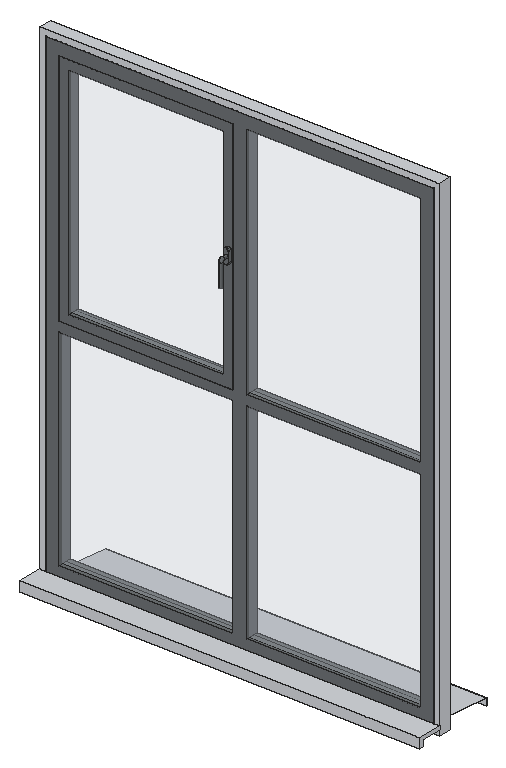
Revit family "AVLN_Окно_Фрамуга_2 створки", category Окна, Revit 2021
Family settings
  Основа = Стена
  Номер OmniClass = 23.30.20.00
  Заголовок OmniClass = Windows
  Всегда вертикально = Да
  При загрузке вырезать с полостями = Нет
  Общий = Нет
  Точка принадлежности помещению = Нет
Parameters (values of type "ОК-15.1 2100х2600")
  Ширина рамы = 70 mm
  Ширина импоста = 50 mm
  Четверть слева/справа = 50 mm
  Четверть низ = 0 mm  # constant formula
  Четверть верх = 50 mm
  Створка_толщина = 25 mm  # constant formula
  Толщина основы [instance] = 200 mm
  Створка_справа_ширина = Width - ((Ширина рамы * 3) + (Монтажный зазор * 2) + Створка_слева_ширина)  # 915 mm
  Створка_снизу_высота = 1100 mm
  Створка_слева_ширина = 915 mm
  Створка_профиль = 50 mm
  Створка_высота = Height - (Створка_снизу_высота + (Ширина рамы * 2) + Ширина импоста + (Монтажный зазор * 2))  # 1250 mm
  Рабочая зона = yes
  Rough Width = Width - Монтажный зазор * 2  # 2040 mm
  Rough Height = Height - Монтажный зазор * 2  # 2540 mm
  Подстановочный профиль_Ширина = 20 mm  # constant formula
  Подстановочный профиль_Толщина = 60 mm
  Подоконник_Толщина = 20 mm
  Подоконник_Длина = Width  # 2100 mm
  Подоконник_Глубина = 100 mm
  Подоконник = yes
  Определить тепловые свойства по = Тип схем
  Низ право открывание = АВЛН_Створка открывная : Створка глухая
  Низ лево открывание = АВЛН_Створка открывная : Створка глухая
  Model = ""
  Глубина вставки = 0 mm
  Отлив_Толщина = 1 mm  # constant formula
  Отлив_Длина = Width - [Четверть слева/справа] * 2  # 2000 mm
  Отлив_Глубина = 280 mm
  Отлив = yes
  Откос_Н.Ширина = Width - 2 * [Четверть слева/справа]  # 2000 mm
  Откос_Н.Толщина.8 = 32 mm
  Откос_Н.Толщина.7 = 28 mm
  Откос_Н.Толщина.6 = 24 mm
  Откос_Н.Толщина.5 = 20 mm
  Откос_Н.Толщина.4 = 16 mm
  Откос_Н.Толщина.3 = 12 mm
  Откос_Н.Толщина.2 = 8 mm
  Откос_Н.Толщина.1 = 4 mm
  Откос_Н.Отступ_П = 0 mm  # constant formula
  Откос_Н.Отступ_Л = 0 mm  # constant formula
  Откос_Н.Количество слоев = 0
  Откос_Н.Глубина = 150 mm
  Откос_Н.Высота = Height - Четверть верх - Четверть низ  # 2550 mm
  Откос_В.Толщина.8 = 32 mm
  Откос_В.Толщина.7 = 28 mm
  Откос_В.Толщина.6 = 24 mm
  Откос_В.Толщина.5 = 20 mm
  Откос_В.Толщина.4 = 16 mm
  Откос_В.Толщина.3 = 12 mm
  Откос_В.Толщина.2 = 8 mm
  Откос_В.Толщина.1 = 4 mm
  Откос_В.Отступ_П [instance] = Монтажный зазор + Подоконник_Толщина  # 50 mm
  Откос_В.Отступ_Л [instance] = Монтажный зазор + Подоконник_Толщина  # 50 mm
  Откос_В.Количество слоев = 0
  Откос_В.Глубина [instance] = Толщина основы - Глубина вставки - Ширина рамы  # 130 mm
  Монтажный зазор = 30 mm
  М.Подоконник = none
  М.Отлив = none
  М.Откос_Н.8 = none
  М.Откос_Н.7 = none
  М.Откос_Н.6 = none
  М.Откос_Н.5 = none
  М.Откос_Н.4 = none
  М.Откос_Н.3 = none
  М.Откос_Н.2 = none
  М.Откос_Н.1 = none
  М.Откос_В.8 = none
  М.Откос_В.7 = none
  М.Откос_В.6 = none
  М.Откос_В.5 = none
  М.Откос_В.4 = none
  М.Откос_В.3 = none
  М.Откос_В.2 = none
  М.Откос_В.1 = none
  М.Монтажного зазора = none
  М.Стекла = ADSK_Стекло_Прозрачное бесцветное
  М.Рамы = RAL 7016
  М.Подоконный профиль = none
  Type Comments = ""
  Height = 2600 mm
  Высота подоконника по умолчанию = 800 mm
  Замыкание стены = По основе
  Width = 2100 mm
  Верх право открывание = АВЛН_Створка открывная : Створка глухая
  Верх лево открывание = АВЛН_Створка открывная : Створка повороно-откидная левая
  Аналитическая конструкция = "<Нет>"
  АВЛН_Проем_Ширина [instance] = Width  # 2100 mm
  АВЛН_Проем_Высота [instance] = Height  # 2600 mm
  ADSK_Этаж [instance] = ""
  ADSK_Размер_Ширина = Width  # 2100 mm
  ADSK_Размер_Высота = Height  # 2600 mm
  ADSK_Примечание [instance] = ""
  ADSK_Обозначение = "ГОСТ 30674-99"
  ADSK_Номер секции [instance] = ""
  ADSK_Наименование = "ОП Б2 (4М1-12-4М1-12-И4)"
  ADSK_Марка = ""
  ADSK_Группирование = ""
  -----------Разрезка----------- = "-----------"  # constant formula
  -----------Профили----------- = "-----------"  # constant formula
  -----------Подоконник----------- = "-----------"  # constant formula
  -----------Отлив----------- = "-----------"  # constant formula
  -----------Откос----------- = "-----------"  # constant formula
  -----------Основные габариты----------- = "-----------"  # constant formula
  -----------Вставка----------- = "-----------"  # constant formula
Types (3, lengths in mm): name | Створка_справа_ширина | Створка_снизу_высота | Створка_слева_ширина | Створка_высота | Rough Width | Rough Height | Подоконник_Длина | Низ лево открывание | Model | Отлив_Длина | Откос_Н.Ширина | Откос_Н.Высота | Height | Width | АВЛН_Проем_Ширина | АВЛН_Проем_Высота | ADSK_Размер_Ширина | ADSK_Размер_Высота
  ОК-15.1 2100х2600 | 915 | 1100 | 915 | 1250 | 2040 | 2540 | 2100 | АВЛН_Створка открывная : Створка глухая | "" | 2000 | 2000 | 2550 | 2600 | 2100 | 2100 | 2600 | 2100 | 2600
  ОК-15 2100х2350 | 1030 | 1100 | 800 | 1000 | 2040 | 2290 | 2100 | АВЛН_Створка открывная : Створка повороно-откидная левая | "" | 2000 | 2000 | 2300 | 2350 | 2100 | 2100 | 2350 | 2100 | 2350
  ОК-12 2100х1500 | 630 | 700 | 600 | 1150 | 1440 | 2040 | 1500 | АВЛН_Створка открывная : Створка глухая | "Окно" | 1400 | 1400 | 2050 | 2100 | 1500 | 1500 | 2100 | 1500 | 2100
Reference planes
  plane 1 "По центру (Вперед/Назад)": y = 0
  plane 2 "По центру (Влево/Вправо)": x = 0
  plane 3 "Слева": x = -1050
  plane 4 "Справа": x = 1050
  plane 5 "Подоконник": z = 800
  plane 6 "Заголовок": z = 3400
  plane 7 "Наружный": y = 100
  plane 8 "Внутренние": y = -100
  plane 9 "Окно": y = 100
  plane 10: x = 1020
  plane 11: z = 3370
  plane 12: x = -1020
  plane 13: z = 830
  plane 14: x = 1000
  plane 15: x = -1000
  plane 16: z = 2100
  plane 17: y = 600
  plane 18: y = -400
  plane 19: z = 3350
  plane 20 "Чет. низ": z = 800
  plane 21 "Внутряння грань": y = 30
  plane 22: y = 80
  plane 23 "Импост верх": z = 2050
  plane 24 "Импост низ": z = 2000
  plane 25: z = 900
  plane 26: z = 3300
  plane 27: x = -950
  plane 28: x = 950
  plane 29 "4": z = 2025
  plane 30 "5": x = -35
  plane 31 "6": x = 35
  plane 32 "9": x = 0
  plane 33 "10": x = 492.5
  plane 34 "11": x = -492.5
  plane 35 "12": z = 2675
  plane 36: z = 1450
  plane 37: y = -885
Forms (mm)
  Extrusion 1, void
    sketch origin (0, 100, 0) x (1, 0, 0) y (0, 0, 1)
      loop
        line (1000, 3350) -> (-1000, 3350) -> (-1000, 800) -> (1000, 800) -> (1000, 3350)
    from -500 to 20
  Extrusion 2, void
    sketch origin (0, 100, 0) x (1, 0, 0) y (0, 0, 1)
      loop
        line (1050, 3400) -> (-1050, 3400) -> (-1050, 800) -> (1050, 800) -> (1050, 3400)
    from 0 to 500
  Extrusion 3, solid, material <- "М.Монтажного зазора", detail levels medium+fine
    sketch origin (0, 100, 0) x (1, 0, 0) y (0, 0, 1)
      loop
        line (1050, 3400) -> (-1050, 3400) -> (-1050, 800) -> (1050, 800) -> (1050, 3400)
      loop
        line (-1020, 3370) -> (-1020, 830) -> (1020, 830) -> (1020, 3370) -> (-1020, 3370)
    from 0 to 70
  Extrusion 4, solid, material "RAL 7016" <- "М.Рамы", detail levels medium+fine
    sketch origin (0, 100, 0) x (-1, 0, 0) y (0, 0, 1)
      loop
        line (-1020, 3370) -> (-1020, 830) -> (1020, 830) -> (1020, 3370) -> (-1020, 3370)
      loop
        line (-35, 900) -> (-35, 2000) -> (-950, 2000) -> (-950, 900) -> (-35, 900)
      loop
        line (35, 3300) -> (35, 2050) -> (950, 2050) -> (950, 3300) -> (35, 3300)
      loop
        line (35, 900) -> (950, 900) -> (950, 2000) -> (35, 2000) -> (35, 900)
      loop
        line (-35, 3300) -> (-950, 3300) -> (-950, 2050) -> (-35, 2050) -> (-35, 3300)
    from -70 to 0
Lines and regions (mm)
  reference lines
    curve 1: line (-1050, -100, 2025) -> (1050, -100, 2025)
    curve 2: line (0, -100, 3400) -> (0, -100, 800)
  model lines, style "Рабочая зона", visible <- "Рабочая зона"
    curve 3: line (-1050, 30, 800) -> (-1050, -885, 800)
    curve 4: line (1050, 30, 800) -> (1050, -885, 800)
    curve 5: line (-1050, -885, 800) -> (1050, -885, 800)
Text (mm)
  text "EXTERIOR" at (-1963.203, 1332.353, 0), in view "Опорный уровень"
  text "INTERIOR" at (-1981.466, -818.386, 0), in view "Опорный уровень"
  text "Наружный" at (0, 923.751, 2943.296), in view "Справа"
  text "Наружный" at (0, 1240.237, 2685.409), in view "Слева"
Dimensions and locks
  equal spacing: plane 3 "Слева", plane 2 "По центру (Влево/Вправо)", plane 4 "Справа"
  "Width": plane 3 "Слева" to plane 4 "Справа"
  "Height": plane 5 "Подоконник" to plane 6 "Заголовок"
  "Высота подоконника по умолчанию": plane 5 "Подоконник" to level
  locked: plane 7 "Наружный" to host wall
  locked: plane 8 "Внутренние" to host wall
  "Глубина вставки": plane 9 "Окно" to plane 7 "Наружный"
  "Монтажный зазор": plane 10 to plane 4 "Справа"
  "Монтажный зазор": plane 3 "Слева" to plane 12
  "Монтажный зазор": plane 11 to plane 6 "Заголовок"
  "Монтажный зазор": plane 5 "Подоконник" to plane 13
  "Четверть слева/справа": plane 14 to plane 4 "Справа"
  "Четверть слева/справа": plane 3 "Слева" to plane 15
  equal spacing: plane 5 "Подоконник", plane 16, plane 6 "Заголовок"
  locked: plane 7 "Наружный" to plane 17 at 500
  locked: plane 18 to plane 8 "Внутренние" at 300
  "Четверть верх": plane 19 to plane 6 "Заголовок"
  "Четверть низ": plane 5 "Подоконник" to plane 20 "Чет. низ"
  "Ширина рамы": plane 9 "Окно" to plane 21 "Внутряння грань"
  "Толщина основы": host wall to host wall
  locked: plane 22 to plane 21 "Внутряння грань" at 50
  "Ширина импоста": plane 24 "Импост низ" to plane 23 "Импост верх"
  "Ширина рамы": plane 28 to plane 10
  "Ширина рамы": plane 12 to plane 27
  "Ширина рамы": plane 13 to plane 25
  "Ширина рамы": plane 26 to plane 11
  plane 23 "Импост верх" to plane 26 = 1250 mm
  "Створка_снизу_высота": plane 25 to plane 24 "Импост низ"
  equal spacing: plane 23 "Импост верх", plane 29 "4", plane 24 "Импост низ"
  "Створка_слева_ширина": plane 27 to plane 30 "5"
  "Ширина рамы": plane 30 "5" to plane 31 "6"
  equal spacing: plane 30 "5", curve 2, plane 31 "6"
  equal spacing: plane 31 "6", plane 33 "10", plane 28
  equal spacing: plane 27, plane 34 "11", plane 30 "5"
  equal spacing: plane 26, plane 35 "12", plane 23 "Импост верх"
  equal spacing: plane 24 "Импост низ", plane 36, plane 25
  plane 31 "6" to nested 6 to plane 28 = 457.5 mm, 457.5 mm
  plane 23 "Импост верх" to nested 6 to plane 26 = 625 mm, 625 mm
  plane 25 to plane 36 to plane 24 "Импост низ" = 550 mm, 550 mm
  "Створка_слева_ширина": plane 21 "Внутряння грань" to plane 37
  aligned and locked: Extrusion 1 sketch curve to plane 14
  aligned and locked: Extrusion 1 sketch curve to plane 15
  aligned and locked: plane 17 to Extrusion 1
  aligned and locked: Extrusion 2 sketch curve to plane 6 "Заголовок"
  aligned and locked: Extrusion 2 sketch curve to plane 4 "Справа"
  aligned and locked: plane 5 "Подоконник" to Extrusion 2 sketch curve
  aligned and locked: Extrusion 2 sketch curve to plane 3 "Слева"
  aligned and locked: Extrusion 2 to plane 9 "Окно"
  aligned and locked: Extrusion 2 to plane 18
  aligned and locked: Extrusion 1 sketch curve to plane 19
  aligned and locked: plane 20 "Чет. низ" to Extrusion 1 sketch curve
  aligned and locked: plane 9 "Окно" to nested 1
  aligned and locked: plane 2 "По центру (Влево/Вправо)" to nested 1
  aligned and locked: nested 2 to plane 21 "Внутряння грань"
  aligned and locked: nested 2 to plane 2 "По центру (Влево/Вправо)"
  aligned and locked: nested 3 to plane 2 "По центру (Влево/Вправо)"
  aligned and locked: plane 8 "Внутренние" to nested 3
  aligned and locked: nested 4 to plane 9 "Окно"
  aligned and locked: Extrusion 3 sketch curve to plane 6 "Заголовок"
  aligned and locked: Extrusion 3 sketch curve to plane 4 "Справа"
  aligned and locked: Extrusion 3 sketch curve to nested 2  (x2)
  aligned and locked: Extrusion 3 sketch curve to plane 11
  aligned and locked: Extrusion 3 sketch curve to plane 12
  aligned and locked: Extrusion 3 sketch curve to plane 13
  aligned and locked: Extrusion 3 sketch curve to plane 10
  aligned and locked: Extrusion 3 to nested 2
  aligned and locked: plane 24 "Импост низ" to Extrusion 4 sketch curve
  aligned and locked: plane 23 "Импост верх" to Extrusion 4 sketch curve
  aligned and locked: Extrusion 4 sketch curve to Extrusion 4 sketch curve  (x2)
  aligned and locked: plane 27 to Extrusion 4 sketch curve
  aligned and locked: Extrusion 4 sketch curve to plane 12
  aligned and locked: Extrusion 4 sketch curve to plane 13
  aligned and locked: Extrusion 4 sketch curve to plane 26
  aligned and locked: Extrusion 4 sketch curve to plane 11
  aligned and locked: plane 20 "Чет. низ" to nested 4
  aligned and locked: nested 4 to plane 2 "По центру (Влево/Вправо)"
  aligned and locked: Extrusion 3 to plane 9 "Окно"
  aligned and locked: Extrusion 4 to plane 21 "Внутряння грань"
  aligned and locked: Extrusion 4 to plane 9 "Окно"
  aligned and locked: Extrusion 1 to plane 22
  aligned and locked: curve 1 to plane 29 "4"
  aligned and locked: plane 3 "Слева" to curve 1
  aligned and locked: plane 4 "Справа" to curve 1
  aligned and locked: Extrusion 4 sketch curve to plane 30 "5"
  aligned and locked: Extrusion 4 sketch curve to plane 10
  aligned and locked: plane 26 to Extrusion 4 sketch curve
  aligned and locked: Extrusion 4 sketch curve to plane 25
  aligned and locked: Extrusion 4 sketch curve to plane 28
  aligned and locked: Extrusion 4 sketch curve to plane 24 "Импост низ"
  aligned and locked: Extrusion 4 sketch curve to plane 23 "Импост верх"
  aligned and locked: Extrusion 4 sketch curve to plane 31 "6"  (x2)
  aligned and locked: plane 6 "Заголовок" to curve 2
  aligned and locked: plane 5 "Подоконник" to curve 2
  aligned and locked: plane 35 "12" to nested 5
  aligned and locked: plane 35 "12" to nested 6
  aligned and locked: plane 33 "10" to nested 6
  aligned and locked: plane 36 to nested 7
  aligned and locked: plane 36 to nested 8
  aligned and locked: plane 33 "10" to nested 7
  aligned and locked: plane 34 "11" to nested 8
  aligned and locked: plane 34 "11" to nested 5
  aligned and locked: Extrusion 4 to plane 31 "6"
  aligned and locked: plane 30 "5" to Extrusion 4
  aligned and locked: plane 28 to Extrusion 4
  aligned and locked: Extrusion 4 to plane 27
  aligned and locked: plane 4 "Справа" to curve 4
  aligned and locked: curve 5 to plane 37
  aligned and locked: plane 3 "Слева" to curve 3
Automatic sketch dimensions
  plane 28 to Extrusion 4 sketch curve = 0 mm
  Extrusion 4 sketch curve to plane 25 = 0 mm
  curve 4 to plane 21 "Внутряння грань" = 0 mm
  curve 3 to plane 21 "Внутряння грань" = 0 mm
Nested families
  nested 1: "Отлив" at (0, 100, 800) x (-1, 0, 0) z (0, 0, 1), Глубина отлива <- "Отлив_Глубина", Длина отлива <- "Отлив_Длина", ТО <- "Отлив_Толщина", Ш_МЗЗ <- "Монтажный зазор", Ш_ПП <- "Подстановочный профиль_Ширина", ADSK_Группирование <- "ADSK_Группирование", ADSK_Номер секции <- "ADSK_Номер секции", ADSK_Этаж <- "ADSK_Этаж", visible <- "Отлив", М <- "М.Отлив", type "Отлив", detail levels fine
    with Ш_ПП 20 mm, Ш_МЗЗ 30 mm, ТО 1 mm, М none, Длина отлива 2000 mm, Глубина отлива 280 mm, ADSK_Этаж "", ADSK_Примечание "", ADSK_Обозначение "", ADSK_Номер секции "", ADSK_Наименование "", ADSK_Марка "", ADSK_Группирование ""
  nested 2: "Подоконник" at (0, 30, 800), Глубина подоконника <- "Подоконник_Глубина", Длина отлива <- "Подоконник_Длина", ТП <- "Подоконник_Толщина", Ш_МЗЗ <- "Монтажный зазор", Ш_ПП <- "Подстановочный профиль_Ширина", ADSK_Группирование <- "ADSK_Группирование", ADSK_Этаж <- "ADSK_Этаж", visible <- "Подоконник", М <- "М.Подоконник", type "Подоконник", detail levels fine
    with Ш_ПП 20 mm, Ш_МЗЗ 30 mm, ТП 20 mm, М none, Длина отлива 2100 mm, Глубина подоконника 100 mm, ADSK_Этаж "", ADSK_Размер_Длина 2100 mm, ADSK_Размер_Глубина 100 mm, ADSK_Номер секции "", ADSK_Марка "", ADSK_Группирование ""
  nested 3: "AVLN_Откосы_R19" at (0, -100, 0), Глубина <- "Откос_В.Глубина", Высота от уровня <- "Высота подоконника по умолчанию", ADSK_Группирование <- "Type Comments", ADSK_Этаж <- "ADSK_Этаж", ADSK_Номер секции <- "ADSK_Номер секции", Материал_1 <- "М.Откос_В.1", Материал_2 <- "М.Откос_В.2", Материал_3 <- "М.Откос_В.3", Материал_4 <- "М.Откос_В.4", Материал_5 <- "М.Откос_В.5", Материал_6 <- "М.Откос_В.6", Материал_7 <- "М.Откос_В.7", Материал_8 <- "М.Откос_В.8", Толщина_1 <- "Откос_В.Толщина.1", Толщина_2 <- "Откос_В.Толщина.2", Толщина_3 <- "Откос_В.Толщина.3", Толщина_4 <- "Откос_В.Толщина.4", Толщина_5 <- "Откос_В.Толщина.5", Толщина_6 <- "Откос_В.Толщина.6", Толщина_7 <- "Откос_В.Толщина.7", Толщина_8 <- "Откос_В.Толщина.8", Количество слоев <- "Откос_В.Количество слоев", Отступ_Л <- "Откос_В.Отступ_Л", Отступ_П <- "Откос_В.Отступ_П", Высота <- "Height", Ширина <- "Width", type "AVLN_Откосы_R19"
    with Ширина_8 1876 mm, Ширина_7 1932 mm, Ширина_6 1980 mm, Ширина_5 2020 mm, Ширина_4 2052 mm, Ширина_3 2076 mm, Ширина_2 2092 mm, Ширина 2100 mm, Толщина_8 32 mm, Толщина_7 28 mm, Толщина_6 24 mm, Толщина_5 20 mm, Толщина_4 16 mm, Толщина_3 12 mm, Толщина_2 8 mm, Толщина_1 4 mm, Отступ_П 50 mm, Отступ_Л 50 mm, Материал_8 none, Материал_7 none, Материал_6 none, Материал_5 none, Материал_4 none, Материал_3 none, Материал_2 none, Материал_1 none, Количество слоев 0, Глубина 130 mm, Высота_8 2488 mm, Высота_7 2516 mm, Высота_6 2540 mm, Высота_5 2560 mm, Высота_4 2576 mm, Высота_3 2588 mm, Высота_2 2596 mm, Высота от уровня 800 mm, Высота 2600 mm, Видимость_8 no, Видимость_7 no, Видимость_6 no, Видимость_5 no, Видимость_4 no, Видимость_3 no, Видимость_2 no, Видимость_1 no, ADSK_Этаж "", ADSK_Номер секции "", ADSK_Группирование ""
  nested 4: "AVLN_Откосы_R19" at (0, 100, 0), Ширина <- "Откос_Н.Ширина", Глубина <- "Откос_Н.Глубина", Высота <- "Откос_Н.Высота", Высота от уровня <- "Высота подоконника по умолчанию", ADSK_Группирование <- "Type Comments", ADSK_Этаж <- "ADSK_Этаж", ADSK_Номер секции <- "ADSK_Номер секции", Материал_1 <- "М.Откос_Н.1", Материал_2 <- "М.Откос_Н.2", Материал_3 <- "М.Откос_Н.3", Материал_4 <- "М.Откос_Н.4", Материал_5 <- "М.Откос_Н.5", Материал_6 <- "М.Откос_Н.6", Материал_7 <- "М.Откос_Н.7", Материал_8 <- "М.Откос_Н.8", Толщина_1 <- "Откос_Н.Толщина.1", Толщина_2 <- "Откос_Н.Толщина.2", Толщина_3 <- "Откос_Н.Толщина.3", Толщина_4 <- "Откос_Н.Толщина.4", Толщина_5 <- "Откос_Н.Толщина.5", Толщина_6 <- "Откос_Н.Толщина.6", Толщина_7 <- "Откос_Н.Толщина.7", Толщина_8 <- "Откос_Н.Толщина.8", Количество слоев <- "Откос_Н.Количество слоев", Отступ_Л <- "Откос_Н.Отступ_Л", Отступ_П <- "Откос_Н.Отступ_П", type "AVLN_Откосы_R19"
    with Ширина_8 1776 mm, Ширина_7 1832 mm, Ширина_6 1880 mm, Ширина_5 1920 mm, Ширина_4 1952 mm, Ширина_3 1976 mm, Ширина_2 1992 mm, Ширина 2000 mm, Толщина_8 32 mm, Толщина_7 28 mm, Толщина_6 24 mm, Толщина_5 20 mm, Толщина_4 16 mm, Толщина_3 12 mm, Толщина_2 8 mm, Толщина_1 4 mm, Отступ_П 0 mm, Отступ_Л 0 mm, Материал_8 none, Материал_7 none, Материал_6 none, Материал_5 none, Материал_4 none, Материал_3 none, Материал_2 none, Материал_1 none, Количество слоев 0, Глубина 150 mm, Высота_8 2438 mm, Высота_7 2466 mm, Высота_6 2490 mm, Высота_5 2510 mm, Высота_4 2526 mm, Высота_3 2538 mm, Высота_2 2546 mm, Высота от уровня 800 mm, Высота 2550 mm, Видимость_8 no, Видимость_7 no, Видимость_6 no, Видимость_5 no, Видимость_4 no, Видимость_3 no, Видимость_2 no, Видимость_1 no, ADSK_Этаж "", ADSK_Номер секции "", ADSK_Группирование ""
  nested 5: "АВЛН_Створка открывная" at (-492.5, 30, 2675) x (1, 0, 0) z (0, 1, 0), type <- "Верх лево открывание", Створка высота <- "Створка_высота", Створка ширина <- "Створка_слева_ширина", Ширина рамы <- "Створка_профиль", Материал_Ручки <- "М.Рамы", Материал_Рама <- "М.Рамы", Материал_Стеклопакет <- "М.Стекла", type "Створка повороно-откидная левая", detail levels medium+fine
    with Ширина рамы 50 mm, Створка ширина 915 mm, Створка высота 1250 mm, Материал_Стеклопакет ADSK_Стекло_Прозрачное бесцветное, Материал_Ручки RAL 7016, Материал_Рама RAL 7016, Width 915 mm, Height 1250 mm
  nested 6: "АВЛН_Створка открывная" at (492.5, 30, 2675) x (1, 0, 0) z (0, 1, 0), type <- "Верх право открывание", Створка высота <- "Створка_высота", Створка ширина <- "Створка_справа_ширина", Ширина рамы <- "Створка_профиль", Материал_Ручки <- "М.Рамы", Материал_Рама <- "М.Рамы", Материал_Стеклопакет <- "М.Стекла", type "Створка глухая", detail levels medium+fine
    with Ширина рамы 50 mm, Створка ширина 915 mm, Створка высота 1250 mm, Материал_Стеклопакет ADSK_Стекло_Прозрачное бесцветное, Материал_Ручки RAL 7016, Материал_Рама RAL 7016, Width 915 mm, Height 1250 mm
  nested 7: "АВЛН_Створка открывная" at (492.5, 30, 1450) x (1, 0, 0) z (0, 1, 0), type <- "Низ право открывание", Створка высота <- "Створка_снизу_высота", Створка ширина <- "Створка_справа_ширина", Ширина рамы <- "Створка_профиль", Материал_Ручки <- "М.Рамы", Материал_Рама <- "М.Рамы", Материал_Стеклопакет <- "М.Стекла", type "Створка глухая", detail levels medium+fine
    with Ширина рамы 50 mm, Створка ширина 915 mm, Створка высота 1100 mm, Материал_Стеклопакет ADSK_Стекло_Прозрачное бесцветное, Материал_Ручки RAL 7016, Материал_Рама RAL 7016, Width 915 mm, Height 1250 mm
  nested 8: "АВЛН_Створка открывная" at (-492.5, 30, 1450) x (1, 0, 0) z (0, 1, 0), Створка высота <- "Створка_снизу_высота", Створка ширина <- "Створка_слева_ширина", Ширина рамы <- "Створка_профиль", type <- "Низ лево открывание", Материал_Ручки <- "М.Рамы", Материал_Рама <- "М.Рамы", Материал_Стеклопакет <- "М.Стекла", type "Створка глухая", detail levels medium+fine
    with Ширина рамы 50 mm, Створка ширина 915 mm, Створка высота 1100 mm, Материал_Стеклопакет ADSK_Стекло_Прозрачное бесцветное, Материал_Ручки RAL 7016, Материал_Рама RAL 7016, Width 915 mm, Height 1250 mm
Definition of nested family "Отлив"
  Parameters (values of type "Отлив")
    Ш_ПП [instance] = 50 mm
    Ш_МЗЗ [instance] = 35 mm
    ТО [instance] = 1 mm
    Default Elevation = 1219.2 mm
    М [instance] = none
    Длина отлива [instance] = 1560 mm
    Глубина отлива [instance] = 280 mm
    ADSK_Этаж [instance] = ""
    ADSK_Примечание [instance] = ""
    ADSK_Обозначение [instance] = ""
    ADSK_Номер секции [instance] = ""
    ADSK_Наименование [instance] = ""
    ADSK_Марка [instance] = ""
    ADSK_Группирование [instance] = ""
  Reference planes
    plane 1 "По центру (Вперед/Назад)": y = 0
    plane 2: z = 0
    plane 3 "По центру (Влево/Вправо)": x = 0
    plane 4: y = -280
    plane 5: x = -780
    plane 6: x = 780
    plane 7: z = 35
    plane 8: z = 85
    plane 9: y = -1
    plane 10: y = -300
    plane 11: y = -301
    plane 12: z = -35
    plane 13: z = 34
  Forms (mm)
    Extrusion 1, solid, material <- "М"
      sketch origin (0, 0, 0) x (0, 1, 0) y (0, 0, 1)
        loop
          line (0, 85) -> (-1, 85) -> (-1, 34.893) -> (-301, 0.893) -> (-301, -35) -> (-300, -35) -> (-300, 0) -> (0, 34) -> (0, 85)
      from -780 to 780
  Dimensions and locks
    equal spacing: plane 5, plane 3 "По центру (Влево/Вправо)", plane 6
    "Длина отлива": plane 5 to plane 6
    "Глубина отлива": plane 4 to plane 1 "По центру (Вперед/Назад)"
    "Ш_МЗЗ": plane 7 to level
    "Ш_ПП": plane 8 to plane 7
    "ТО": plane 1 "По центру (Вперед/Назад)" to plane 9
    "ТО": plane 10 to plane 11
    locked: level to plane 12 at 35
    "ТО": plane 7 to plane 13
    "ТО": Extrusion 1 sketch curve to Extrusion 1 sketch curve
    locked: plane 4 to plane 10 at 20
    aligned and locked: level to plane 2
    aligned and locked: plane 8 to Extrusion 1 sketch curve
    aligned and locked: plane 9 to Extrusion 1 sketch curve
    aligned and locked: plane 11 to Extrusion 1 sketch curve
    aligned and locked: plane 12 to Extrusion 1 sketch curve
    aligned and locked: plane 1 "По центру (Вперед/Назад)" to Extrusion 1 sketch curve  (x2)
    aligned and locked: plane 13 to Extrusion 1 sketch curve
    aligned and locked: level to Extrusion 1 sketch curve
    aligned and locked: plane 10 to Extrusion 1 sketch curve
    aligned and locked: plane 6 to Extrusion 1
    aligned and locked: Extrusion 1 to plane 5
Definition of nested family "Подоконник"
  Parameters (values of type "Подоконник")
    Ш_ПП [instance] = 50 mm
    Ш_МЗЗ [instance] = 35 mm
    ТП [instance] = 20 mm
    Default Elevation = 1219.2 mm
    М [instance] = none
    Длина отлива [instance] = 1560 mm
    Model = "Подоконная доска"
    Глубина подоконника [instance] = 280 mm
    ADSK_Этаж [instance] = ""
    ADSK_Размер_Длина [instance] = Длина отлива  # 1560 mm
    ADSK_Размер_Глубина [instance] = Глубина подоконника  # 280 mm
    ADSK_Обозначение = "ГОСТ 30673-93"
    ADSK_Номер секции [instance] = ""
    ADSK_Наименование = "Подоконная доска ПВХ"
    ADSK_Марка [instance] = ""
    ADSK_Группирование [instance] = ""
  Reference planes
    plane 1 "По центру (Вперед/Назад)": y = 0
    plane 2: z = 0
    plane 3 "По центру (Влево/Вправо)": x = 0
    plane 4: y = -280
    plane 5: x = -780
    plane 6: x = 780
    plane 7: z = 35
    plane 8: z = 85
    plane 9: y = -20
    plane 10: y = -290
    plane 11: y = -310
    plane 12: z = -35
    plane 13: z = 15
    plane 14: z = 65
  Forms (mm)
    Extrusion 1, solid, material <- "М"
      sketch origin (0, 0, 0) x (0, 1, 0) y (0, 0, 1)
        loop
          line (0, 85) -> (-310, 85) -> (-310, 0) -> (-290, 0) -> (-290, 65) -> (0, 65) -> (0, 85)
      from -780 to 780
  Dimensions and locks
    equal spacing: plane 5, plane 3 "По центру (Влево/Вправо)", plane 6
    "Длина отлива": plane 5 to plane 6
    "Глубина подоконника": plane 4 to plane 1 "По центру (Вперед/Назад)"
    "Ш_МЗЗ": plane 7 to level
    "Ш_ПП": plane 8 to plane 7
    "ТП": plane 1 "По центру (Вперед/Назад)" to plane 9
    "ТП": plane 10 to plane 11
    locked: level to plane 12 at 35
    "ТП": plane 7 to plane 13
    locked: plane 4 to plane 10 at 10
    "ТП": plane 8 to plane 14
    aligned and locked: level to plane 2
    aligned and locked: plane 8 to Extrusion 1 sketch curve
    aligned and locked: plane 1 "По центру (Вперед/Назад)" to Extrusion 1 sketch curve
    aligned and locked: plane 10 to Extrusion 1 sketch curve
    aligned and locked: plane 11 to Extrusion 1 sketch curve
    aligned and locked: level to Extrusion 1 sketch curve
    aligned and locked: plane 14 to Extrusion 1 sketch curve
    aligned and locked: Extrusion 1 to plane 5
    aligned and locked: plane 6 to Extrusion 1
Definition of nested family "АВЛН_Створка открывная"
  Parameters (values of type "Створка повороно-откидная правая")
    Ширина рамы [instance] = 50 mm
    Width = 600 mm
    Створка ширина [instance] = 800 mm
    Створка высота [instance] = 700 mm
    Материал_Стеклопакет [instance] = none
    Поворотная Правая = yes
    Поворотная Левая = no
    Default Elevation = 1219.2 mm
    Открываная = yes
    Откидная = yes
    Материал_Ручки [instance] = none
    Материал_Рама [instance] = none
    Левая = yes
    Глухое = no
    Height = 1150 mm
    Analytic Construction = "<Нет>"
  Types (6, lengths in mm): name | Width | Поворотная Правая | Поворотная Левая | Открываная | Откидная | Глухое | Height
    Створка повороно-откидная правая | 600 | yes | no | yes | yes | no | 1150
    Створка повороно-откидная левая | 600 | no | yes | yes | yes | no | 1150
    Створка глухая | 600 | no | no | no | no | yes | 1150
    Створка откидная | 1300 | no | no | yes | yes | no | 1700
    Створка поворотная правая | 600 | yes | no | yes | no | no | 1150
    Створка поворотная левая | 600 | no | yes | yes | no | no | 1150
  Reference planes
    plane 1 "По центру (Вперед/Назад)": y = 0
    plane 2 "Внутрення грань": z = 0
    plane 3 "По центру (Влево/Вправо)": x = 0
    plane 4: y = 350
    plane 5: x = 400
    plane 6: y = -350
    plane 7: x = -400
    plane 8 "Наружняя грань": z = 60.433
    plane 9 "По центру Л/Р": z = 30.216
  Forms (mm)
    Extrusion 1, solid
      sketch origin (0, 0, 0) x (1, 0, 0) y (0, 1, 0)
        loop
          line (-1219.2, 1219.2) -> (-1219.2, -1219.2) -> (1219.2, -1219.2) -> (1219.2, 1219.2) -> (-1219.2, 1219.2)
      from 0 to -304.8
    Sweep 2, solid, material <- "Материал_Рама", visible <- "Открываная"
      path origin (0, 0, 0) x (1, 0, 0) y (0, 1, 0)
        loop
          line (400, 350) -> (-400, 350) -> (-400, -350) -> (400, -350) -> (400, 350)
      profile origin (0, 350, 0) x (0, -1, 0) y (0, 0, 1)
        loop
          line (0, 0) -> (50, 0) -> (50, 60.433) -> (0, 60.433) -> (0, 0)
    Extrusion 3, solid, material <- "Материал_Стеклопакет", visible <- "Открываная"
      sketch origin (0, 0, 0) x (1, 0, 0) y (0, 1, 0)
        loop
          line (-350, 300) -> (-350, -300) -> (350, -300) -> (350, 300) -> (-350, 300)
      from 17.481 to 42.952
    Extrusion 4, solid, material <- "Материал_Стеклопакет", visible <- "Глухое"
      sketch origin (0, 0, 0) x (1, 0, 0) y (0, 1, 0)
        loop
          line (-400, 350) -> (-400, -350) -> (400, -350) -> (400, 350) -> (-400, 350)
      from 17.481 to 42.952
  Lines and regions (mm)
    model lines, visible <- "Глухое", detail levels medium+fine
      curve 1: line (0, 50, 60.433) -> (0, -50, 60.433)
      curve 2: line (50, 0, 60.433) -> (-50, 0, 60.433)
      curve 17: line (0, 50, 0) -> (0, -50, 0)
      curve 18: line (50, 0, 0) -> (-50, 0, 0)
    model lines, visible <- "Глухое", not visible, detail levels medium+fine
      curve 3: line (60, 38.001, 60.433) -> (60, -61.999, 60.433)
      curve 4: line (110, -11.999, 60.433) -> (10, -11.999, 60.433)
    model lines, visible <- "Поворотная Правая", detail levels medium+fine
      curve 5: line (400, 350, 0) -> (-400, 0, 0)
      curve 6: line (400, -350, 0) -> (-400, 0, 0)
      curve 13: line (400, 350, 60.433) -> (-400, 0, 60.433)
      curve 14: line (400, -350, 60.433) -> (-400, 0, 60.433)
    model lines, visible <- "Откидная", detail levels medium+fine
      curve 7: line (-400, -350, 0) -> (0, 350, 0)
      curve 8: line (0, 350, 0) -> (400, -350, 0)
      curve 15: line (-400, -350, 60.433) -> (0, 350, 60.433)
      curve 16: line (0, 350, 60.433) -> (400, -350, 60.433)
    model lines, visible <- "Поворотная Левая", detail levels medium+fine
      curve 9: line (-400, 350, 0) -> (400, 0, 0)
      curve 10: line (-400, -350, 0) -> (400, 0, 0)
      curve 11: line (-400, 350, 60.433) -> (400, 0, 60.433)
      curve 12: line (-400, -350, 60.433) -> (400, 0, 60.433)
  Dimensions and locks
    "Створка высота": plane 4 to plane 6
    "Створка ширина": plane 7 to plane 5
    equal spacing: plane 7, plane 3 "По центру (Влево/Вправо)", plane 5
    equal spacing: plane 6, plane 1 "По центру (Вперед/Назад)", plane 4
    plane 2 "Внутрення грань" to plane 8 "Наружняя грань" = 60.433 mm
    level to Extrusion 4 = 42.952 mm
    plane 8 "Наружняя грань" to level = 60.433 mm
    equal spacing: Extrusion 3, plane 9 "По центру Л/Р", Extrusion 3
    equal spacing: plane 8 "Наружняя грань", plane 9 "По центру Л/Р", level
    Extrusion 3 to Extrusion 3 = 25.471 mm
    "Ширина рамы": profile plane to Sweep 2 sketch curve
    equal spacing: Extrusion 4, plane 9 "По центру Л/Р", Extrusion 4, locked at 12.735 each
    locked: Extrusion 4 to Extrusion 4 at 25.471
    equal spacing: Sweep 2, nested 1, Sweep 2
    equal spacing: Sweep 2, nested 2, Sweep 2
    aligned and locked: plane 2 "Внутрення грань" to Extrusion 1
    aligned and locked: level to Extrusion 1
    aligned and locked: plane 4 to Sweep 2 sketch curve
    aligned and locked: plane 5 to Sweep 2 sketch curve
    aligned and locked: plane 6 to Sweep 2 sketch curve
    aligned and locked: Sweep 2 sketch curve to plane 7
    aligned and locked: Extrusion 3 sketch curve to Sweep 2  (x4)
    aligned and locked: Extrusion 4 sketch curve to Sweep 2  (x3)
    aligned and locked: Extrusion 4 sketch curve to plane 5
    aligned and locked: Sweep 2 sketch curve to plane 8 "Наружняя грань"
    aligned and locked: plane 6 to Extrusion 4
    aligned and locked: plane 4 to Extrusion 4
    aligned and locked: curve 2 to plane 1 "По центру (Вперед/Назад)"
    aligned and locked: curve 1 to plane 3 "По центру (Влево/Вправо)"
    aligned and locked: curve 18 to plane 1 "По центру (Вперед/Назад)"
    aligned and locked: curve 17 to plane 3 "По центру (Влево/Вправо)"
    aligned and locked: nested 2 to plane 1 "По центру (Вперед/Назад)"
    aligned and locked: nested 1 to plane 1 "По центру (Вперед/Назад)"
  Automatic sketch dimensions
    Extrusion 1 sketch curve to Extrusion 1 sketch curve = 2438.4 mm  (x2)
    plane 1 "По центру (Вперед/Назад)" to curve 5 = 0 mm
    curve 5 to plane 7 = 0 mm
    curve 9 to plane 4 = 0 mm
    curve 9 to plane 7 = 0 mm
    plane 6 to curve 7 = 0 mm
    curve 7 to plane 7 = 0 mm
    curve 7 to plane 3 "По центру (Влево/Вправо)" = 0 mm
    curve 6 to plane 5 = 0 mm
    plane 1 "По центру (Вперед/Назад)" to curve 9 = 0 mm
    curve 9 to plane 5 = 0 mm
    curve 5 to plane 4 = 0 mm
    curve 5 to plane 5 = 0 mm
    plane 6 to curve 8 = 0 mm
    curve 8 to plane 4 = 0 mm
    curve 11 to plane 4 = 0 mm
    curve 11 to plane 7 = 0 mm
    plane 6 to curve 15 = 0 mm
    curve 15 to plane 7 = 0 mm
    plane 1 "По центру (Вперед/Назад)" to curve 14 = 0 mm
    curve 14 to plane 7 = 0 mm
    curve 15 to plane 3 "По центру (Влево/Вправо)" = 0 mm
    plane 1 "По центру (Вперед/Назад)" to curve 11 = 0 mm
    curve 11 to plane 5 = 0 mm
    curve 14 to plane 5 = 0 mm
    curve 13 to plane 4 = 0 mm
    curve 13 to plane 5 = 0 mm
    plane 6 to curve 14 = 0 mm
    curve 15 to plane 4 = 0 mm
    plane 1 "По центру (Вперед/Назад)" to curve 2 = 0 mm
    curve 1 to plane 3 "По центру (Влево/Вправо)" = 0 mm
    curve 2 to plane 3 "По центру (Влево/Вправо)" = 50 mm
    plane 3 "По центру (Влево/Вправо)" to curve 2 = 50 mm
    plane 1 "По центру (Вперед/Назад)" to curve 1 = 50 mm
    curve 1 to plane 1 "По центру (Вперед/Назад)" = 50 mm
    curve 18 to curve 17 = 50 mm
    curve 17 to curve 18 = 50 mm
    plane 1 "По центру (Вперед/Назад)" to curve 17 = 50 mm
    curve 17 to plane 1 "По центру (Вперед/Назад)" = 50 mm
    Sweep 2 sketch curve to level = 0 mm
    Sweep 2 sketch curve to profile plane = 0 mm
  Nested families
    nested 1: "АВЛН_Ручка" at (375, 1040, 0) x (1, 0, 0) z (0, -1, 0), visible <- "Поворотная Левая", Материал дверной ручки <- "Материал_Рама", type "АВЛН_Ручка", detail levels fine
      with Материал дверной ручки none, Высота расположения дверной ручки 1040 mm
    nested 2: "АВЛН_Ручка" at (-375, 1040, 0) x (1, 0, 0) z (0, -1, 0), visible <- "Поворотная Правая", Материал дверной ручки <- "Материал_Рама", type "АВЛН_Ручка", detail levels fine
      with Материал дверной ручки none, Высота расположения дверной ручки 1040 mm
  Definition of nested family "АВЛН_Ручка"
    Parameters (values of type "АВЛН_Ручка")
      Default Elevation = 1219.2 mm
      Материал дверной ручки [instance] = none
      Высота расположения дверной ручки [instance] = 1040 mm
      Analytic Construction = "<Нет>"
      b = 25 mm
      a = 75 mm
    Reference planes
      plane 1 "По центру (Вперед/Назад)": y = 0
      plane 2: z = 0
      plane 3 "По центру (Влево/Вправо)": x = 0
      plane 4: z = 1040
      plane 5: x = 12.5
      plane 6: x = -12.5
      plane 7: z = 1002.5
      plane 8: z = 1077.5
      plane 9: y = -15
    Forms (mm)
      Extrusion 1, solid, material <- "Материал дверной ручки"
        sketch origin (0, 0, 2080) x (-1, 0, 0) y (0, 0, -1)
          loop
            arc (-2.5, 1077.5) -> (-9.571, 1074.571) -> (-12.5, 1067.5) r 10
            line (-12.5, 1067.5) -> (-12.5, 1012.5)
            arc (-12.5, 1012.5) -> (-9.571, 1005.429) -> (-2.5, 1002.5) r 10
            line (-2.5, 1002.5) -> (2.5, 1002.5)
            arc (2.5, 1002.5) -> (9.571, 1005.429) -> (12.5, 1012.5) r 10
            line (12.5, 1012.5) -> (12.5, 1067.5)
            arc (12.5, 1067.5) -> (9.571, 1074.571) -> (2.5, 1077.5) r 10
            line (2.5, 1077.5) -> (-2.5, 1077.5)
        from 0 to 15
      Sweep 2, solid, material <- "Материал дверной ручки"
        path origin (-1040, 0, 1040) x (0, 0, -1) y (0, 1, 0)
          loop
            line (0, -15) -> (0, -38.261)
            arc (0, -38.261) -> (-2.929, -45.332) -> (-10, -48.261) r 10
            line (-10, -48.261) -> (-130, -48.261)
        profile origin (-1040, -26.63, 1040) x (0, 0, -1) y (1, 0, 0)
          loop
            circle (0, 1040) r 8
    Dimensions and locks
      "Высота расположения дверной ручки": plane 4 to level
      "a": plane 7 to plane 8
      "b": plane 6 to plane 5
      plane 6 to plane 5 = 25 mm
      locked: plane 1 "По центру (Вперед/Назад)" to plane 9 at 15
      plane 7 to plane 8 = 75 mm
      aligned and locked: level to plane 2
      aligned and locked: Extrusion 1 sketch curve to plane 7
      aligned and locked: plane 5 to Extrusion 1 sketch curve
      aligned and locked: plane 8 to Extrusion 1 sketch curve
      aligned and locked: Extrusion 1 sketch curve to plane 6
      aligned and locked: Extrusion 1 to plane 1 "По центру (Вперед/Назад)"
    Automatic sketch dimensions
      Sweep 2 sketch curve to plane 9 = 0 mm
      plane 4 to Sweep 2 sketch curve = 10 mm
      plane 9 to Sweep 2 sketch curve = 23.261 mm
      Sweep 2 sketch curve to Sweep 2 sketch curve = 120 mm
      Sweep 2 sketch curve to profile plane = 0 mm
      profile plane to Sweep 2 sketch curve = 1040 mm
      Sweep 2 sketch curve to plane 4 = 0 mm
      plane 3 "По центру (Влево/Вправо)" to Extrusion 1 sketch curve = 2.5 mm  (x2)
      Extrusion 1 sketch curve to plane 3 "По центру (Влево/Вправо)" = 2.5 mm  (x2)
      radius of Sweep 2 sketch curve = 8 mm
Definition of nested family "AVLN_Откосы_R19"
  Parameters (values of type "AVLN_Откосы_R19")
    Ширина_8 [instance] = Ширина_7 - Толщина_7 * 2  # 776 mm
    Ширина_7 [instance] = Ширина_6 - Толщина_6 * 2  # 832 mm
    Ширина_6 [instance] = Ширина_5 - Толщина_5 * 2  # 880 mm
    Ширина_5 [instance] = Ширина_4 - Толщина_4 * 2  # 920 mm
    Ширина_4 [instance] = Ширина_3 - Толщина_3 * 2  # 952 mm
    Ширина_3 [instance] = Ширина_2 - Толщина_2 * 2  # 976 mm
    Ширина_2 [instance] = Ширина - Толщина_1 * 2  # 992 mm
    Ширина [instance] = 1000 mm
    Толщина_8 [instance] = 32 mm
    Толщина_7 [instance] = 28 mm
    Толщина_6 [instance] = 24 mm
    Толщина_5 [instance] = 20 mm
    Толщина_4 [instance] = 16 mm
    Толщина_3 [instance] = 12 mm
    Толщина_2 [instance] = 8 mm
    Толщина_1 [instance] = 4 mm
    Отступ_П [instance] = 0 mm
    Отступ_Л [instance] = 0 mm
    Default Elevation = 1219.2 mm
    Материал_8 [instance] = none
    Материал_7 [instance] = none
    Материал_6 [instance] = none
    Материал_5 [instance] = none
    Материал_4 [instance] = none
    Материал_3 [instance] = none
    Материал_2 [instance] = none
    Материал_1 [instance] = none
    Type Comments = ""
    Количество слоев [instance] = 8
    Глубина [instance] = 200 mm
    Высота_8 [instance] = Высота_7 - Толщина_7  # 1388 mm
    Высота_7 [instance] = Высота_6 - Толщина_6  # 1416 mm
    Высота_6 [instance] = Высота_5 - Толщина_5  # 1440 mm
    Высота_5 [instance] = Высота_4 - Толщина_4  # 1460 mm
    Высота_4 [instance] = Высота_3 - Толщина_3  # 1476 mm
    Высота_3 [instance] = Высота_2 - Толщина_2  # 1488 mm
    Высота_2 [instance] = Высота - Толщина_1  # 1496 mm
    Высота от уровня [instance] = 377.189 mm
    Высота [instance] = 1500 mm
    Видимость_8 [instance] = Количество слоев > 7  # yes
    Видимость_7 [instance] = Количество слоев > 6  # yes
    Видимость_6 [instance] = Количество слоев > 5  # yes
    Видимость_5 [instance] = Количество слоев > 4  # yes
    Видимость_4 [instance] = Количество слоев > 3  # yes
    Видимость_3 [instance] = Количество слоев > 2  # yes
    Видимость_2 [instance] = Количество слоев > 1  # yes
    Видимость_1 [instance] = Количество слоев > 0  # yes
    ADSK_Этаж [instance] = ""
    ADSK_Номер секции [instance] = ""
    ADSK_Группирование [instance] = ""
  Reference planes
    plane 1 "По центру (Вперед/Назад)": y = 0
    plane 2: z = 0
    plane 3 "По центру (Влево/Вправо)": x = 0
    plane 4: y = 200
    plane 5: z = 377.189
  Dimensions and locks
    "Глубина": plane 4 to plane 1 "По центру (Вперед/Назад)"
    "Высота от уровня": plane 5 to level
    aligned and locked: level to plane 2
    aligned and locked: plane 3 "По центру (Влево/Вправо)" to nested 1
    aligned and locked: nested 1 to plane 1 "По центру (Вперед/Назад)"
    aligned and locked: plane 3 "По центру (Влево/Вправо)" to nested 2
    aligned and locked: nested 2 to plane 1 "По центру (Вперед/Назад)"
    aligned and locked: plane 3 "По центру (Влево/Вправо)" to nested 3
    aligned and locked: nested 3 to plane 1 "По центру (Вперед/Назад)"
    aligned and locked: plane 3 "По центру (Влево/Вправо)" to nested 4
    aligned and locked: nested 4 to plane 1 "По центру (Вперед/Назад)"
    aligned and locked: plane 3 "По центру (Влево/Вправо)" to nested 5
    aligned and locked: nested 5 to plane 1 "По центру (Вперед/Назад)"
    aligned and locked: plane 3 "По центру (Влево/Вправо)" to nested 6
    aligned and locked: nested 6 to plane 1 "По центру (Вперед/Назад)"
    aligned and locked: plane 3 "По центру (Влево/Вправо)" to nested 7
    aligned and locked: nested 7 to plane 1 "По центру (Вперед/Назад)"
    aligned and locked: plane 3 "По центру (Влево/Вправо)" to nested 8
    aligned and locked: nested 8 to plane 1 "По центру (Вперед/Назад)"
  Nested families
    nested 1: "Откос_R1" at (0, 100, 377.189), ADSK_Размер_Глубина <- "Глубина", built-in parameter 1001364 <- "Высота от уровня", ADSK_Группирование <- "ADSK_Группирование", ADSK_Номер секции <- "ADSK_Номер секции", ADSK_Этаж <- "ADSK_Этаж", visible <- "Видимость_1", Видимость <- "Видимость_1", Материал <- "Материал_1", ADSK_Размер_Высота <- "Высота", ADSK_Размер_Толщина <- "Толщина_1", ADSK_Размер_Ширина <- "Ширина", Отступ_Л <- "Отступ_Л", Отступ_П <- "Отступ_П", type "Откос_R19 2"
      with Площадь 0.80 m², Отступ_П 0 mm, Отступ_Л 0 mm, Материал none, Видимость yes, ADSK_Этаж "", ADSK_Размер_Ширина 1000 mm, ADSK_Размер_Толщина 4 mm, ADSK_Размер_Глубина 200 mm, ADSK_Размер_Высота 1500 mm, ADSK_Номер секции "", ADSK_Группирование ""
    nested 2: "Откос_R1" at (0, 100, 377.189), ADSK_Размер_Глубина <- "Глубина", built-in parameter 1001364 <- "Высота от уровня", ADSK_Группирование <- "ADSK_Группирование", ADSK_Номер секции <- "ADSK_Номер секции", ADSK_Этаж <- "ADSK_Этаж", visible <- "Видимость_2", Видимость <- "Видимость_2", Материал <- "Материал_2", ADSK_Размер_Высота <- "Высота_2", ADSK_Размер_Толщина <- "Толщина_2", ADSK_Размер_Ширина <- "Ширина_2", Отступ_Л <- "Отступ_Л", Отступ_П <- "Отступ_П", type "Откос_R19 2"
      with Площадь 0.7968 m², Отступ_П 0 mm, Отступ_Л 0 mm, Материал none, Видимость yes, ADSK_Этаж "", ADSK_Размер_Ширина 992 mm, ADSK_Размер_Толщина 8 mm, ADSK_Размер_Глубина 200 mm, ADSK_Размер_Высота 1496 mm, ADSK_Номер секции "", ADSK_Группирование ""
    nested 3: "Откос_R1" at (0, 100, 377.189), ADSK_Размер_Глубина <- "Глубина", built-in parameter 1001364 <- "Высота от уровня", ADSK_Группирование <- "ADSK_Группирование", ADSK_Номер секции <- "ADSK_Номер секции", ADSK_Этаж <- "ADSK_Этаж", visible <- "Видимость_3", Видимость <- "Видимость_3", Материал <- "Материал_3", ADSK_Размер_Высота <- "Высота_3", ADSK_Размер_Толщина <- "Толщина_3", ADSK_Размер_Ширина <- "Ширина_3", Отступ_Л <- "Отступ_Л", Отступ_П <- "Отступ_П", type "Откос_R19 2"
      with Площадь 0.7904 m², Отступ_П 0 mm, Отступ_Л 0 mm, Материал none, Видимость yes, ADSK_Этаж "", ADSK_Размер_Ширина 976 mm, ADSK_Размер_Толщина 12 mm, ADSK_Размер_Глубина 200 mm, ADSK_Размер_Высота 1488 mm, ADSK_Номер секции "", ADSK_Группирование ""
    nested 4: "Откос_R1" at (0, 100, 377.189), ADSK_Размер_Глубина <- "Глубина", built-in parameter 1001364 <- "Высота от уровня", ADSK_Группирование <- "ADSK_Группирование", ADSK_Номер секции <- "ADSK_Номер секции", ADSK_Этаж <- "ADSK_Этаж", visible <- "Видимость_4", Видимость <- "Видимость_4", Материал <- "Материал_4", ADSK_Размер_Высота <- "Высота_4", ADSK_Размер_Толщина <- "Толщина_4", ADSK_Размер_Ширина <- "Ширина_4", Отступ_Л <- "Отступ_Л", Отступ_П <- "Отступ_П", type "Откос_R19 2"
      with Площадь 0.7808 m², Отступ_П 0 mm, Отступ_Л 0 mm, Материал none, Видимость yes, ADSK_Этаж "", ADSK_Размер_Ширина 952 mm, ADSK_Размер_Толщина 16 mm, ADSK_Размер_Глубина 200 mm, ADSK_Размер_Высота 1476 mm, ADSK_Номер секции "", ADSK_Группирование ""
    nested 5: "Откос_R1" at (0, 100, 377.189), ADSK_Размер_Глубина <- "Глубина", built-in parameter 1001364 <- "Высота от уровня", ADSK_Группирование <- "ADSK_Группирование", ADSK_Номер секции <- "ADSK_Номер секции", ADSK_Этаж <- "ADSK_Этаж", visible <- "Видимость_5", Видимость <- "Видимость_5", Материал <- "Материал_5", ADSK_Размер_Высота <- "Высота_5", ADSK_Размер_Толщина <- "Толщина_5", ADSK_Размер_Ширина <- "Ширина_5", Отступ_Л <- "Отступ_Л", Отступ_П <- "Отступ_П", type "Откос_R19 2"
      with Площадь 0.768 m², Отступ_П 0 mm, Отступ_Л 0 mm, Материал none, Видимость yes, ADSK_Этаж "", ADSK_Размер_Ширина 920 mm, ADSK_Размер_Толщина 20 mm, ADSK_Размер_Глубина 200 mm, ADSK_Размер_Высота 1460 mm, ADSK_Номер секции "", ADSK_Группирование ""
    nested 6: "Откос_R1" at (0, 100, 377.189), ADSK_Размер_Глубина <- "Глубина", built-in parameter 1001364 <- "Высота от уровня", ADSK_Группирование <- "ADSK_Группирование", ADSK_Номер секции <- "ADSK_Номер секции", ADSK_Этаж <- "ADSK_Этаж", visible <- "Видимость_6", Видимость <- "Видимость_6", Материал <- "Материал_6", ADSK_Размер_Высота <- "Высота_6", ADSK_Размер_Толщина <- "Толщина_6", ADSK_Размер_Ширина <- "Ширина_6", Отступ_Л <- "Отступ_Л", Отступ_П <- "Отступ_П", type "Откос_R19 2"
      with Площадь 0.752 m², Отступ_П 0 mm, Отступ_Л 0 mm, Материал none, Видимость yes, ADSK_Этаж "", ADSK_Размер_Ширина 880 mm, ADSK_Размер_Толщина 24 mm, ADSK_Размер_Глубина 200 mm, ADSK_Размер_Высота 1440 mm, ADSK_Номер секции "", ADSK_Группирование ""
    nested 7: "Откос_R1" at (0, 100, 377.189), ADSK_Размер_Глубина <- "Глубина", built-in parameter 1001364 <- "Высота от уровня", ADSK_Группирование <- "ADSK_Группирование", ADSK_Номер секции <- "ADSK_Номер секции", ADSK_Этаж <- "ADSK_Этаж", visible <- "Видимость_7", Видимость <- "Видимость_7", Материал <- "Материал_7", ADSK_Размер_Высота <- "Высота_7", ADSK_Размер_Толщина <- "Толщина_7", ADSK_Размер_Ширина <- "Ширина_7", Отступ_Л <- "Отступ_Л", Отступ_П <- "Отступ_П", type "Откос_R19 2"
      with Площадь 0.7328 m², Отступ_П 0 mm, Отступ_Л 0 mm, Материал none, Видимость yes, ADSK_Этаж "", ADSK_Размер_Ширина 832 mm, ADSK_Размер_Толщина 28 mm, ADSK_Размер_Глубина 200 mm, ADSK_Размер_Высота 1416 mm, ADSK_Номер секции "", ADSK_Группирование ""
    nested 8: "Откос_R1" at (0, 100, 377.189), ADSK_Размер_Глубина <- "Глубина", built-in parameter 1001364 <- "Высота от уровня", ADSK_Группирование <- "ADSK_Группирование", ADSK_Номер секции <- "ADSK_Номер секции", ADSK_Этаж <- "ADSK_Этаж", visible <- "Видимость_8", Видимость <- "Видимость_8", Материал <- "Материал_8", ADSK_Размер_Высота <- "Высота_8", ADSK_Размер_Толщина <- "Толщина_8", ADSK_Размер_Ширина <- "Ширина_8", Отступ_Л <- "Отступ_Л", Отступ_П <- "Отступ_П", type "Откос_R19 2"
      with Площадь 0.7104 m², Отступ_П 0 mm, Отступ_Л 0 mm, Материал none, Видимость yes, ADSK_Этаж "", ADSK_Размер_Ширина 776 mm, ADSK_Размер_Толщина 32 mm, ADSK_Размер_Глубина 200 mm, ADSK_Размер_Высота 1388 mm, ADSK_Номер секции "", ADSK_Группирование ""
  Definition of nested family "Откос_R1"
    Parameters (values of type "Откос_R19")
      Площадь [instance] = (ADSK_Размер_Ширина + 2 * ADSK_Размер_Высота) * ADSK_Размер_Глубина  # 2.93564 m²
      Отступ_П [instance] = 0 mm
      Отступ_Л [instance] = 0 mm
      Материал [instance] = none
      Model = "Внутренний слой откоса"  # constant formula
      Видимость [instance] = yes
      ADSK_Этаж [instance] = ""
      ADSK_Размер_Ширина [instance] = 1880 mm
      ADSK_Размер_Толщина [instance] = 164.158 mm
      ADSK_Размер_Глубина [instance] = 560 mm
      ADSK_Размер_Высота [instance] = 1681.106 mm
      ADSK_Примечание = ""
      ADSK_Обозначение = ""
      ADSK_Номер секции [instance] = ""
      ADSK_Наименование = ""
      ADSK_Марка = ""
      ADSK_Группирование [instance] = ""
    Reference planes
      plane 1 "По центру (Вперед/Назад)": y = 0
      plane 2: z = 0
      plane 3 "По центру (Влево/Вправо)": x = 0
      plane 4: x = -940
      plane 5: x = 940
      plane 6: y = 280
      plane 7: y = -280
      plane 8: x = -775.842
      plane 9: z = 1681.106
      plane 10: z = 0
      plane 11: z = 0
    Forms (mm)
      Sweep 1, solid, material <- "Материал", visible <- "Видимость"
        path origin (0, 0, 0) x (1, 0, 0) y (0, 0, 1)
          loop
            line (940, 0) -> (940, 1681.106) -> (-940, 1681.106) -> (-940, 0)
        profile origin (-940, 0, 840.553) x (0, -1, 0) y (1, 0, 0)
          loop
            line (-280, 0) -> (280, 0) -> (280, 164.158) -> (-280, 164.158) -> (-280, 0)
    Dimensions and locks
      equal spacing: plane 6, plane 1 "По центру (Вперед/Назад)", plane 7
      equal spacing: plane 4, plane 3 "По центру (Влево/Вправо)", plane 5
      "ADSK_Размер_Толщина": plane 4 to plane 8
      "ADSK_Размер_Глубина": plane 6 to plane 7
      "ADSK_Размер_Высота": plane 9 to level
      "ADSK_Размер_Ширина": plane 5 to plane 4
      "Отступ_Л": plane 10 to level
      "Отступ_П": plane 11 to level
      aligned and locked: level to plane 2
      aligned and locked: Sweep 1 sketch curve to plane 4
      aligned and locked: Sweep 1 sketch curve to plane 9
      aligned and locked: Sweep 1 sketch curve to plane 5
      aligned and locked: plane 6 to Sweep 1 sketch curve
      aligned and locked: profile plane to Sweep 1 sketch curve
      aligned and locked: Sweep 1 sketch curve to plane 7
      aligned and locked: plane 8 to Sweep 1 sketch curve
      aligned and locked: plane 10 to Sweep 1 sketch curve
      aligned and locked: plane 11 to Sweep 1 sketch curve
